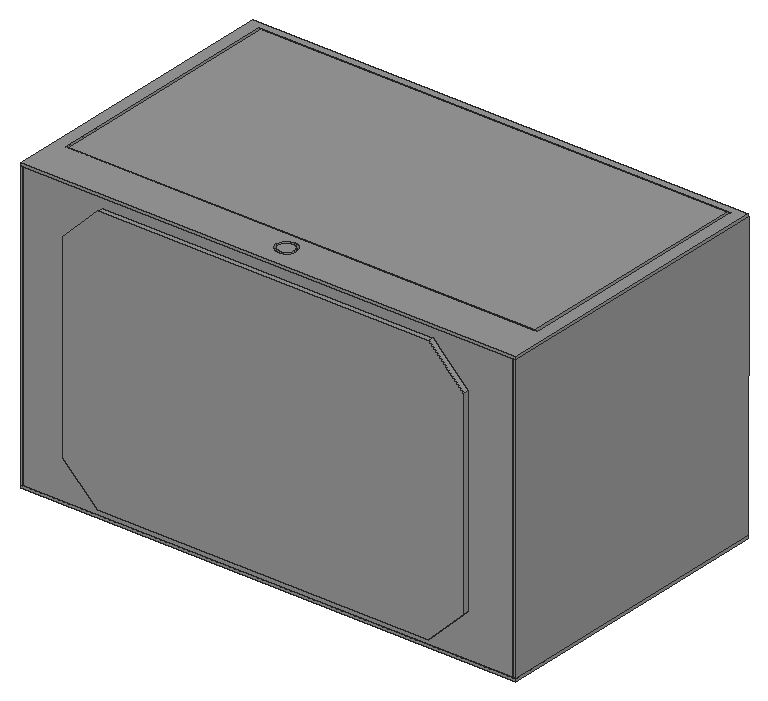
Revit family "Lighting_Outside_L&L_Luce&Light_Geko_61", category Lighting Fixtures, host Wall, Revit 2015
Parameters (values of type "GEKO 6.1 A 2700K 20W 230Vac")
  Youtube clip = ""
  Weight Net (Kg) = "2.2"
  Wattage Comments = "20 W"
  Voltage = 230 V
  Uniformat II Description = "Lighting & Branch Wiring"
  Uniformat II Code = "D5020"
  Uniclass 2015 Name = "Lighting"
  Uniclass 2015 Code = "EF_70_80"
  Uniclass 2.0 Description = "Lighting Systems"
  Uniclass 2.0 Code = "SS-70-80"
  Uniclass 1.4 Description = "Light beam systems"
  Uniclass 1.4 Code = "L762214"
  UNSPSC Code = "3911"
  Technical description = "http://www.lucelight.it/file.php/1553/schedaen"
  Region South America = "AR, BO, BR, CL, CO, EC, FK, GF, GY, PE, PY, SR, UY, VE"
  Region Oceania = "AS, AU, CK, FJ, FM, GU, KI, MH, MP, NC, NF, NR, NU, NZ, PF, PG, PN, PW, SB, TK, TL, TO, TV, UM, WF, WS, VU"
  Region North America = "AG, AI, AW, BB, BL, BM, BQ, BS, BZ, CA, CR, CU, CW, DM, DO, GD, GL, GP, GT, HN, HT, JM, KN, KY, LC, MF, MQ, MS, MX, NI, PA, PM, PR, SV, SX, TC, TT, US, VC, VG, VI"
  Region Middle East = "AE, AF, BH, EG, IL, IQ, IR, JO, KW, LB, OM, PS, QA, SA, SY, TR, YE"
  Region Europe = "AD, AL, AT, AX, BA, BE, BG, BY, CH, CY, CZ, DE, DK, EE, ES, FI, FO, FR, GB, GG, GI, GR, HR, HU, IE, IM, IS, IT, JE, LI, LT, LU, LV, MC, MD, ME, MK, MT, NL, NO, PL, PT, RO, RS, RU, SE, SI, SJ, SK, SM, UA, VA"
  Region Asia = "AM, AZ, BD, BN, BT, CC, CN, CX, GE, HK, ID, IN, IO, JP, KG, KH, KP, KR, KZ, LA, LK, MM, MN, MO, MV, MY, NP, PH, PK, SG, TH, TJ, TM, TW, UZ, VN"
  Region Antarctica = "None"
  Region Africa = "AO, BF, BI, BJ, BW, CD, CF, CG, CI, CM, CV, DJ, DZ, EH, ER, ET, GA, GH, GM, GN, GQ, GW, KE, KM, LR, LS, LY, MA, MG, ML, MR, MU, MW, MZ, NA, NE, NG, RE, RW, SC, SD, SH, SL, SN, SO, SS, ST, SZ, TD, TG, TN, TZ, UG, YT, ZA, ZM, ZW"
  QR code = "http://bimobject.com/luce-and-light/product/Geko_61"
  Product url = "http://www.lucelight.it/en/prodotto.php/1553"
  Product group = "Wall mounted"
  Product family = "Outdoor"
  Product data url = "https://bimobject.com/luce-and-light/product/Geko_61"
  Product certification = ""
  Product SKU = "Geko_61"
  Product Material = Luce&Light_Glass
  Product Guid = "0e051b0e-7264-4160-9cd2-5615a696590f"
  OmniClass Description = "Lighting Fixtures"
  OmniClass Code = "23-35 47 11"
  Nominal width = 170 mm
  Nominal height = 100 mm
  NBS Reference Description = "Lighting Systems"
  NBS Reference Code = "70-80"
  Material secondary = "Glass"
  Material main = "Aluminium"
  Masterformat 2014 Description = "Lighting"
  Masterformat 2014 Code = "26 50 00"
  Manufacturer name = "L&L Luce&Light"
  Manufacturer country = "Italy"
  Luce-Light_Total_flow_rate = "521 lm per beam"
  Luce-Light_Screen_material = "screen in tempered glass"
  Luce-Light_Rated_power_input = "7°, 10°, 30°, 70°, 10°x45°, asymmetrical"
  Luce-Light_Power_Class = "A / A+ / A++"
  Luce-Light_Power = "230Vac"
  Luce-Light_Optical_assembly = "7°, 10°, 30°, 70°, 10°x45°, asymmetrical"
  Luce-Light_Note = "dimming not available"
  Luce-Light_Mounting = "surface mounted (wall)"
  Luce-Light_LED_light_sources = "10 (5+5) power LEDs"
  Luce-Light_LED_light_intensity = ""
  Luce-Light_LED_colour = "white: 2700K, 3000K, 4000K, 5000K"
  Luce-Light_IP = "65"
  Luce-Light_IK = "07"
  Luce-Light_Finishes_material = "anthracite, white RAL 9003, cor-ten, grey RAL 9006"
  Luce-Light_Color_Rendering_Index_CRI = "80"
  Luce-Light_Classification = "CE"
  Luce-Light_Body_material = "die-cast aluminium alloy EN AB 47100"
  Luce-Light_BOPCEditionNumber = 1
  Luce-Light_Applications = "Outdoor"
  Luce-Light_Accessories = "spacer WD0300E / WD0300G / WD0300H / WD0300R"
  Light Source Type = Light_Source_Geko61 : GEKO 6.1 A 2700K 20W 230Vac
  Installation instructions = "http://www.lucelight.it/file.php/1553/istruzionien"
  IFC Classification = "Light Fixture"
  Geometry Material = Luce&Light_Aluminum
  Full Load Current = 0 mA
  Edition number = 1
  EAN code = ""
  Design country = "Italy"
  Date of publishing = "3/20/2017"
  COBIe Type Category = ""
  Brand url = ""
  BIMobject category = "Outside"
  Apparent Load = 0 VA
Types (18, lengths in mm): name | Light Source Type
  GEKO 6.1 A 2700K 20W 230Vac | Light_Source_Geko61 : GEKO 6.1 A 2700K 20W 230Vac
  GEKO 6.1 F 2700K 20W 230Vac | Light_Source_Geko61 : GEKO 6.1 F 2700K 20W 230Vac
  GEKO 6.1 K 2700K 20W 230Vac | Light_Source_Geko61 : GEKO 6.1 K 2700K 20W 230Vac
  GEKO 6.1 S 2700K 20W 230Vac | Light_Source_Geko61 : GEKO 6.1 S 2700K 20W 230Vac
  GEKO 6.1 T 2700K 20W 230Vac | Light_Source_Geko61 : GEKO 6.1 T 2700K 20W 230Vac
  GEKO 6.1 W 2700K 20W 230Vac | Light_Source_Geko61 : GEKO 6.1 W 2700K 20W 230Vac
  GEKO 6.1 A 3000K 20W 230Vac | Light_Source_Geko61 : GEKO 6.1 A 3000K 20W 230Vac
  GEKO 6.1 F 3000K 20W 230Vac | Light_Source_Geko61 : GEKO 6.1 F 3000K 20W 230Vac
  GEKO 6.1 K 3000K 20W 230Vac | Light_Source_Geko61 : GEKO 6.1 K 3000K 20W 230Vac
  GEKO 6.1 S 3000K 20W 230Vac | Light_Source_Geko61 : GEKO 6.1 S 3000K 20W 230Vac
  GEKO 6.1 T 3000K 20W 230Vac | Light_Source_Geko61 : GEKO 6.1 T 3000K 20W 230Vac
  GEKO 6.1 W 3000K 20W 230Vac | Light_Source_Geko61 : GEKO 6.1 W 3000K 20W 230Vac
  GEKO 6.1 A 4000K 20W 230Vac | Light_Source_Geko61 : GEKO 6.1 A 4000K 20W 230Vac
  GEKO 6.1 F 4000K 20W 230Vac | Light_Source_Geko61 : GEKO 6.1 F 4000K 20W 230Vac
  GEKO 6.1 K 4000K 20W 230Vac | Light_Source_Geko61 : GEKO 6.1 K 4000K 20W 230Vac
  GEKO 6.1 S 4000K 20W 230Vac | Light_Source_Geko61 : GEKO 6.1 S 4000K 20W 230Vac
  GEKO 6.1 T 4000K 20W 230Vac | Light_Source_Geko61 : GEKO 6.1 T 4000K 20W 230Vac
  GEKO 6.1 W 4000K 20W 230Vac | Light_Source_Geko61 : GEKO 6.1 W 4000K 20W 230Vac
Reference planes
  plane 1 "Wall": y = 0
  plane 2 "Center (Left/Right)": x = 125
  plane 3 "Back": y = 75
Text (mm)
  text "Placement Side" at (-1848.837, 1116.779, 0), in view "Ref. Level"
  text "Placement side" at (0, 1409.804, 2854.306), in view "Left"
  text "Placement side" at (0, 499.811, 2980.732), in view "Right"
Dimensions and locks
  locked: plane 3 "Back" to host wall
  aligned and locked: plane 1 "Wall" to host wall
  aligned and locked: nested 1 to plane 2 "Center (Left/Right)"
  aligned and locked: plane 3 "Back" to nested 1
Nested families
  nested 1: "geko_61" at (125, 124, 0), type "Default"
  nested 2: "Light_Source_Geko61" at (125, 129.025, 100) x (0, 1, 0) z (0, 0, 1), type <- "Light Source Type", type "GEKO 6.1 A 2700K 20W 230Vac"
  nested 3: "Light_Source_Geko61" at (130, 127.554, 0) x (0, 1, 0) z (0, 0, -1), type <- "Light Source Type", type "GEKO 6.1 A 2700K 20W 230Vac"
Connectors
  electrical at (125, 124, 0), driven by "Voltage", driven by "Apparent Load"
    settings: index 1, voltage 230 V, apparent load 0 VA, apparent load phase1 0 VA, apparent load phase2 0 VA, apparent load phase3 0 VA, power factor 1, load classification "Other", number of poles 1, system type 31, power factor state 1, is connector primary yes, connector utility no, sub classification motor no, connector description ""
Definition of nested family "geko_61"
  Parameters (values of type "Default")
    Youtube clip = ""
    Weight Net (Kg) = 2.2
    Uniformat II Description = "Lighting & Branch Wiring"
    Uniformat II Code = "D5020"
    Uniclass 2015 Name = "Lighting"
    Uniclass 2015 Code = "EF_70_80"
    Uniclass 2.0 Description = "Lighting Systems"
    Uniclass 2.0 Code = "SS-70-80"
    Uniclass 1.4 Description = "Light beam systems"
    Uniclass 1.4 Code = "L762214"
    UNSPSC Code = "3911"
    Technical description = "http://www.lucelight.it/file.php/1553/schedaen"
    Region South America = "AR, BO, BR, CL, CO, EC, FK, GF, GY, PE, PY, SR, UY, VE"
    Region Oceania = "AS, AU, CK, FJ, FM, GU, KI, MH, MP, NC, NF, NR, NU, NZ, PF, PG, PN, PW, SB, TK, TL, TO, TV, UM, WF, WS, VU"
    Region North America = "AG, AI, AW, BB, BL, BM, BQ, BS, BZ, CA, CR, CU, CW, DM, DO, GD, GL, GP, GT, HN, HT, JM, KN, KY, LC, MF, MQ, MS, MX, NI, PA, PM, PR, SV, SX, TC, TT, US, VC, VG, VI"
    Region Middle East = "AE, AF, BH, EG, IL, IQ, IR, JO, KW, LB, OM, PS, QA, SA, SY, TR, YE"
    Region Europe = "AD, AL, AT, AX, BA, BE, BG, BY, CH, CY, CZ, DE, DK, EE, ES, FI, FO, FR, GB, GG, GI, GR, HR, HU, IE, IM, IS, IT, JE, LI, LT, LU, LV, MC, MD, ME, MK, MT, NL, NO, PL, PT, RO, RS, RU, SE, SI, SJ, SK, SM, UA, VA"
    Region Asia = "AM, AZ, BD, BN, BT, CC, CN, CX, GE, HK, ID, IN, IO, JP, KG, KH, KP, KR, KZ, LA, LK, MM, MN, MO, MV, MY, NP, PH, PK, SG, TH, TJ, TM, TW, UZ, VN"
    Region Antarctica = "None"
    Region Africa = "AO, BF, BI, BJ, BW, CD, CF, CG, CI, CM, CV, DJ, DZ, EH, ER, ET, GA, GH, GM, GN, GQ, GW, KE, KM, LR, LS, LY, MA, MG, ML, MR, MU, MW, MZ, NA, NE, NG, RE, RW, SC, SD, SH, SL, SN, SO, SS, ST, SZ, TD, TG, TN, TZ, UG, YT, ZA, ZM, ZW"
    QR code = "http://bimobject.com/luce-and-light/product/Geko_61"
    Product url = "http://www.lucelight.it/en/prodotto.php/1553"
    Product name = "Geko 61"
    Product group = "Wall mounted"
    Product family = "Outdoor"
    Product data url = "https://bimobject.com/luce-and-light/product/Geko_61"
    Product certification = ""
    Product SKU = "Geko_61"
    Product Material = none
    Product Guid = "0e051b0e-7264-4160-9cd2-5615a696590f"
    OmniClass Description = "Lighting Fixtures"
    OmniClass Code = "23-35 47 11"
    Nominal width = 170
    Nominal height = 100
    NBS Reference Description = "Lighting Systems"
    NBS Reference Code = "70-80"
    Material secondary = "Glass"
    Material main = "Aluminium"
    Masterformat 2014 Description = "Lighting"
    Masterformat 2014 Code = "26 50 00"
    Manufacturer name = "Luce&Light"
    Manufacturer country = "Italy"
    Installation instructions = "http://www.lucelight.it/file.php/1553/istruzionien"
    IFC Classification = "Light Fixture"
    Geometry Material = none
    Edition number = 1
    EAN code = ""
    Design country = "Italy"
    Date of publishing = "3/20/2017"
    COBIe Type Category = ""
    Brand url = ""
    BIMobject category = "Outside"
  Reference planes
    plane 1 "Center (Front/Back)": y = 0
    plane 2: z = 0
    plane 3 "Center (Left/Right)": x = 0
    plane 4: y = 49
  Forms (mm)
    Extrusion 1, solid, material <- "Geometry Material", detail levels medium+fine
      sketch origin (0, 0, 0) x (1, 0, 0) y (0, 1, 0)
        loop
          line (85, 49) -> (-85, 49) -> (-85, -51) -> (85, -51) -> (85, 49)
        loop
          line (-81.042, 34.474) -> (-81.042, -48.495) -> (81.035, -48.495) -> (81.035, 34.474) -> (-81.042, 34.474)
        loop
          circle (0, 40.997) r 2.578
        loop
          circle (0, 40.997) r 3.5
      from 0 to 1
    Extrusion 2, solid, material <- "Geometry Material", detail levels medium+fine
      sketch origin (0, 0, 0) x (1, 0, 0) y (0, 1, 0)
        loop
          line (85, 49) -> (-85, 49) -> (-85, -51) -> (85, -51) -> (85, 49)
        loop
          line (-81.042, 34.474) -> (-81.042, -48.495) -> (81.035, -48.495) -> (81.035, 34.474) -> (-81.042, 34.474)
        loop
          circle (0, 40.997) r 2.578
        loop
          circle (0, 40.997) r 3.5
      from 99 to 100
    Extrusion 3, solid, material <- "Geometry Material", detail levels medium+fine
      sketch origin (0, 0, 0) x (1, 0, 0) y (0, 0, 1)
        loop
          line (-84, 99) -> (-85.021, 99) -> (-85, 1) -> (-84, 1) -> (-84, 99)
        loop
          line (84, 99) -> (84, 1) -> (85, 1) -> (85.021, 99) -> (84, 99)
      from -49 to 51
    Extrusion 4, solid, material <- "Geometry Material", detail levels medium+fine
      sketch origin (0, 0, 0) x (0, 1, 0) y (0, 0, 1)
        loop
          line (48, 1) -> (49, 1) -> (49, 99) -> (48, 99) -> (48, 1)
        loop
          line (-50, 1) -> (-50, 99) -> (-51, 99) -> (-51, 1) -> (-50, 1)
      from -84 to 84
    Extrusion 5, solid, material <- "Geometry Material", detail levels medium+fine
      sketch origin (0, 0, 0) x (1, 0, 0) y (0, 0, 1)
        loop
          line (68.75, 83.85) -> (56.75, 95.85) -> (-56.75, 95.85) -> (-68.75, 83.85) -> (-68.75, 15.85) -> (-56.75, 3.85) -> (56.75, 3.85) -> (68.75, 15.85) -> (68.75, 83.85)
      from -51 to -49
    Extrusion 6, solid, material <- "Product Material", detail levels medium+fine
      sketch origin (0, 0, 0) x (0, 1, 0) y (0, 0, 1)
        loop
          line (-48.495, 95.999) -> (34.474, 95.999) -> (34.474, 100) -> (-48.495, 100) -> (-48.495, 95.999)
        loop
          line (34.474, 4.001) -> (-48.495, 4.001) -> (-48.495, 0) -> (34.474, 0) -> (34.474, 4.001)
      from -80 to 80
    Extrusion 7, solid, material <- "Geometry Material", detail levels coarse
      sketch origin (0, 0, 0) x (1, 0, 0) y (0, 0, 1)
        loop
          line (85.021, 100) -> (-85.021, 100) -> (-85, 0) -> (85, 0) -> (85.021, 100)
      from -51 to 51
  Dimensions and locks
    locked: plane 1 "Center (Front/Back)" to plane 4 at 49
    aligned and locked: plane 2 to level
Definition of nested family "Light_Source_Geko61"
  Parameters (values of type "GEKO 6.1 T 2700K 20W 230Vac")
    Wattage = 9.2903 W
    built-in parameter 1150110 = 1 (stored number, unit not read)
    built-in parameter 1114217 = 1 (stored number, unit not read)
    Tilt Angle = 90.00°
    built-in parameter 1150109 = 1 (stored number, unit not read)
    built-in parameter 1150134 = (empty or 0)
    built-in parameter 1150113 = 1 (stored number, unit not read)
    Photometric Web File = "GEKO 6.1 T [2700K 20W 230Vac].IES"
    built-in parameter 1150105 = 109.82 (stored number, unit not read)
    Lumens = 1380 lm
    built-in parameter 1150115 = 1 (stored number, unit not read)
    built-in parameter 1150137 = (empty or 0)
    built-in parameter 1150139 = (empty or 0)
    built-in parameter 1150112 = 1 (stored number, unit not read)
    built-in parameter 1150114 = 1 (stored number, unit not read)
    built-in parameter 1150132 = (empty or 0)
    built-in parameter 1150102 = (empty or 0)
    built-in parameter 1150107 = 2700 (stored number, unit not read)
    built-in parameter 1150138 = (empty or 0)
    built-in parameter 1150106 = 1.0982 (stored number, unit not read)
    Emit from Rectangle Width = 80 mm
    Emit from Rectangle Length = 150 mm
    Emit Shape Visible in Rendering = no
    built-in parameter 1150104 = 13.8 (stored number, unit not read)
    Dimming Lamp Color Temperature Shift = (empty or 0)
    Default Elevation = 1219.2 mm
    Color Filter = 16777215
    built-in parameter 1114218 = 1 (stored number, unit not read)
    built-in parameter 1150133 = 10 (stored number, unit not read)
  Types (18, lengths in mm): name | built-in parameter 1150134 | Photometric Web File | built-in parameter 1150107
    GEKO 6.1 A 2700K 20W 230Vac | (empty or 0) | "GEKO 6.1 A [2700K 20W 230Vac].IES" | 2700 (stored number, unit not read)
    GEKO 6.1 F 2700K 20W 230Vac | (empty or 0) | "GEKO 6.1 F [2700K 20W 230Vac].IES" | 2700 (stored number, unit not read)
    GEKO 6.1 K 2700K 20W 230Vac | (empty or 0) | "GEKO 6.1 K [2700K 20W 230Vac].IES" | 2700 (stored number, unit not read)
    GEKO 6.1 S 2700K 20W 230Vac | (empty or 0) | "GEKO 6.1 S [2700K 20W 230Vac].IES" | 2700 (stored number, unit not read)
    GEKO 6.1 T 2700K 20W 230Vac | (empty or 0) | "GEKO 6.1 T [2700K 20W 230Vac].IES" | 2700 (stored number, unit not read)
    GEKO 6.1 W 2700K 20W 230Vac | (empty or 0) | "GEKO 6.1 W [2700K 20W 230Vac].IES" | 2700 (stored number, unit not read)
    GEKO 6.1 A 3000K 20W 230Vac | (empty or 0) | "GEKO 6.1 A [3000K 20W 230Vac].IES" | 3000 (stored number, unit not read)
    GEKO 6.1 F 3000K 20W 230Vac | (empty or 0) | "GEKO 6.1 F [3000K 20W 230Vac].IES" | 3000 (stored number, unit not read)
    GEKO 6.1 K 3000K 20W 230Vac | (empty or 0) | "GEKO 6.1 K [3000K 20W 230Vac].IES" | 3000 (stored number, unit not read)
    GEKO 6.1 S 3000K 20W 230Vac | (empty or 0) | "GEKO 6.1 S [3000K 20W 230Vac].IES" | 3000 (stored number, unit not read)
    GEKO 6.1 T 3000K 20W 230Vac | (empty or 0) | "GEKO 6.1 T [3000K 20W 230Vac].IES" | 3000 (stored number, unit not read)
    GEKO 6.1 W 3000K 20W 230Vac | (empty or 0) | "GEKO 6.1 W [3000K 20W 230Vac].IES" | 3000 (stored number, unit not read)
    GEKO 6.1 A 4000K 20W 230Vac | 12 | "GEKO 6.1 A [4000K 20W 230Vac].IES" | 4000 (stored number, unit not read)
    GEKO 6.1 F 4000K 20W 230Vac | 12 | "GEKO 6.1 F [4000K 20W 230Vac].IES" | 4000 (stored number, unit not read)
    GEKO 6.1 K 4000K 20W 230Vac | 12 | "GEKO 6.1 K [4000K 20W 230Vac].IES" | 4000 (stored number, unit not read)
    GEKO 6.1 S 4000K 20W 230Vac | 12 | "GEKO 6.1 S [4000K 20W 230Vac].IES" | 4000 (stored number, unit not read)
    GEKO 6.1 T 4000K 20W 230Vac | 12 | "GEKO 6.1 T [4000K 20W 230Vac].IES" | 4000 (stored number, unit not read)
    GEKO 6.1 W 4000K 20W 230Vac | 12 | "GEKO 6.1 W [4000K 20W 230Vac].IES" | 4000 (stored number, unit not read)
  Reference planes
    plane 1 "Center (Front/Back)": y = 0
    plane 2: z = 0
    plane 3 "Center (Left/Right)": x = 0
  Forms (mm)
    Extrusion 1, solid
      sketch origin (0, 0, 0) x (1, 0, 0) y (0, 1, 0)
        loop
          line (-1219.2, 1219.2) -> (-1219.2, -1219.2) -> (1219.2, -1219.2) -> (1219.2, 1219.2) -> (-1219.2, 1219.2)
      from 0 to -304.8
  Dimensions and locks
    aligned and locked: plane 2 to Extrusion 1
    aligned and locked: level to Extrusion 1
